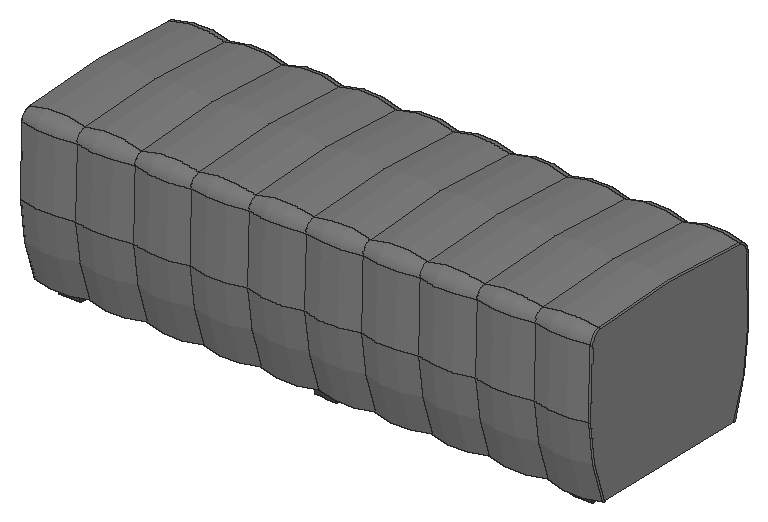
Revit family "Chair-Soft_Seating-Allermuir-Haven_Bench-HAB200", category Furniture, Revit 2012
Parameters (values of type "HAB200")
  ecoScorecard_data = "http://thesenatorgroup.ecoscorecard.com/product/HAB200"
  ecoScorecard Product Page = "http://products.ecoscorecard.com/allermuir/HAB200?action=html"
  Width = 0"
  Weight = 0.0 lbf
  Upholstered Seat = "No"
  Upholstered Back = "No"
  URL = "http://www.allermuir.net/Default.aspx"
  Subcategory = "Soft Seating"  # constant formula
  Stacks = no
  Specifications URL = ""
  Seat or Top = Fabric - Allermuir - Silcoates
  Product Page URL = "http://www.allermuir.net/Products.aspx?RangeId=495"
  Product Line = "Haven Bench"  # constant formula
  Pricing URL = ""
  Plugin Data URL = "http://products.ecoscorecard.com/thesenatorgroup/HAB200"
  Plastic Arms in Black = "No"
  Model = "HAB200"  # constant formula
  Manufacturer Phone - Toll Free = "(888) 887 5806"  # constant formula
  Manufacturer Phone = "(419) 887 5806"  # constant formula
  Manufacturer Fax = "(419) 887 5805"  # constant formula
  Manufacturer Email = "mailto:contact@allermuir-na.com"
  Manufacturer Address = "1630 Holland Road, Maumee, Ohio 43537 "  # constant formula
  Manufacturer = "Allermuir"  # constant formula
  LEED Stats URL = ""
  Height = 0"
  Fabric Spec Sheets = "http://www.allermuir.net/Services/File.ashx?Type=B&Id=51"
  Description = ""
  Depth = 0"
  Color Availability = "See price list for material options"  # constant formula
  CAD Blocks URL = ""
  Brochure URL = ""
  Base = Plastic - Allermuir - Black
  Assembly Code = "E2020200"
  95 CSI = "12510"  # constant formula
  04 CSI = "12 51 00"  # constant formula
Reference planes
  plane 1 "Center Front/Back": y = 0
  plane 2: z = 0
  plane 3 "Center Left/Right": x = 0
  plane 4: y = 265.296
  plane 5: y = -265.296
  plane 6: z = 466.328
  plane 7: x = -760.699
  plane 8: x = 757.524
Dimensions and locks
  plane 6 to level = 18 23/64"  (x2)
  locked: plane 7 to plane 8 at 1518.222
  equal spacing: plane 4, plane 1 "Center Front/Back", plane 5
  aligned and locked: plane 3 "Center Left/Right" to nested 1
  aligned and locked: plane 1 "Center Front/Back" to nested 1
  aligned and locked: plane 6 to nested 1
Nested families
  nested 1: "HAB200" at (0, 0, 0), type "HAB200"
Definition of nested family "HAB200"
  Parameters (values of type "HAB200")
    URL = "http://www.allermuir.net/Default.aspx"
    Stand = Plastic - Allermuir - Black
    Stacks = no
    Side Stand = Metal - Allermuir - Chrome - Polished
    Seat = Fabric - Allermuir - Silcoates
    Model = "HAB100"
    Manufacturer = "Allermuir"  # constant formula
    Description = ""
    Assembly Code = "E2020200"
  Reference planes
    plane 1 "Center Front/Back": y = 0
    plane 2: z = 0
    plane 3 "Center Left/Right": x = 0
    plane 4: y = 278.492
    plane 5: y = -265.296
    plane 6: z = 466.328
    plane 7: y = 174.511
    plane 8: y = -161.315
    plane 9: x = -747.478
    plane 10: x = -671.278
    plane 11: x = 747.478
    plane 12: x = 671.278
  Forms (mm)
    Sweep 1, solid, material "Fabric - Allermuir - Silcoates" <- "Seat"
      path origin (0, 0, -3.969) x (0, 1, 0) y (0, 0, 1)
        loop
          arc (230.619, 28.377) -> (262.694, 128.867) -> (276.965, 233.381) r 609.6
          arc (276.965, 233.381) -> (278.479, 325.472) -> (273.982, 417.465) r 1411.053
          arc (273.982, 417.465) -> (262.719, 442.368) -> (238.222, 454.489) r 40.603
          arc (238.222, 454.489) -> (7.264, 468.236) -> (-223.765, 455.728) r 2038.86
          arc (-223.765, 455.728) -> (-248.079, 443.981) -> (-259.64, 419.577) r 40.58
          arc (-259.64, 419.577) -> (-265.536, 328.435) -> (-264.387, 237.109) r 1183.48
          arc (-264.387, 237.109) -> (-249.725, 130.711) -> (-217.12, 28.377) r 627.008
      profile origin (0, 7.264, 464.267) x (0, -0.002682, -0.999996) y (1, 0, 0)
        loop
          arc (10.108, -745.462) -> (11.467, -747.415) -> (13.724, -748.165) r 3.77
          line (13.724, -748.165) -> (14.881, -748.165) -> (14.881, 751.457) -> (12.785, 751.457)
          arc (12.785, 751.457) -> (10.529, 750.699) -> (9.189, 748.733) r 3.735
          arc (9.189, 748.733) -> (-0.333, 674.997) -> (11.738, 601.636) r 255.942
          arc (11.738, 601.636) -> (-0.369, 525.083) -> (10.994, 448.417) r 255.942
          arc (10.994, 448.417) -> (-0.371, 373.433) -> (10.736, 298.411) r 255.942
          arc (10.736, 298.411) -> (-0.371, 223.387) -> (10.994, 148.403) r 255.942
          arc (10.994, 148.403) -> (-0.369, 74.256) -> (10.253, 0) r 255.942
          arc (10.253, 0) -> (-0.355, -75.93) -> (12.002, -151.596) r 255.942
          arc (12.002, -151.596) -> (-0.344, -226.43) -> (9.784, -301.596) r 255.942
          arc (9.784, -301.596) -> (-0.344, -376.765) -> (12.003, -451.601) r 255.942
          arc (12.003, -451.601) -> (-0.344, -526.433) -> (9.782, -601.598) r 255.942
          arc (9.782, -601.598) -> (-0.371, -673.554) -> (10.108, -745.462) r 255.942
    Extrusion 2, solid, material "Fabric - Allermuir - Silcoates" <- "Seat"
      sketch origin (0, 0, -3.969) x (0, 1, 0) y (0, 0, 1)
        loop
          line (-203.329, 33.969) -> (216.827, 33.969)
          arc (216.827, 33.969) -> (248.162, 132.073) -> (262.102, 234.112) r 594.719
          arc (262.102, 234.112) -> (263.6, 325.231) -> (259.15, 416.253) r 1396.171
          arc (259.15, 416.253) -> (252.015, 432.029) -> (236.497, 439.708) r 25.722
          arc (236.497, 439.708) -> (7.224, 453.355) -> (-222.118, 440.938) r 2023.978
          arc (-222.118, 440.938) -> (-237.517, 433.499) -> (-244.837, 418.044) r 25.699
          arc (-244.837, 418.044) -> (-250.66, 328.048) -> (-249.525, 237.871) r 1168.598
          arc (-249.525, 237.871) -> (-235.197, 133.933) -> (-203.329, 33.969) r 612.126
      from -748.165 to 751.457
  Cuts and joins
    joined: Sweep 1, Extrusion 2
  Lines and regions (mm)
    symbolic lines, style "Sofa"
      curve 1: line (-601.598, -256.183, 0) -> (-601.598, 268.883, 0)
      curve 2: line (-451.601, -253.961, 0) -> (-451.601, 266.661, 0)
      curve 3: line (-301.596, -256.18, 0) -> (-301.596, 268.88, 0)
      curve 4: line (-151.596, -253.962, 0) -> (-151.596, 266.662, 0)
      curve 5: line (0, -255.712, 0) -> (0, 268.412, 0)
      curve 6: line (148.403, -222.548, 0) -> (148.403, 267.67, 0)
      curve 7: line (298.411, -255.228, 0) -> (298.411, 236.977, 0)
      curve 8: line (448.417, -254.971, 0) -> (448.417, 267.671, 0)
      curve 9: line (601.636, -252.664, 0) -> (601.636, 266.926, 0)
      curve 10: line (751.428, 265.808, 0) -> (751.428, -253.108, 0)
      curve 11: line (-748.16, 264.983, 0) -> (-748.16, -250.444, 0)
      curve 12: arc (-601.598, 268.883, 0) -> (-673.579, 279.081, 0) -> (-745.51, 268.534, 0) r 254.775
      curve 13: arc (-745.51, 268.534, 0) -> (-747.425, 267.198, 0) -> (-748.16, 264.983, 0) r 3.705
      curve 14: arc (-601.598, 268.883, 0) -> (-526.435, 278.857, 0) -> (-451.601, 266.661, 0) r 259.27
      curve 15: arc (-451.601, 266.661, 0) -> (-376.764, 278.935, 0) -> (-301.596, 268.88, 0) r 257.548
      curve 16: arc (-301.596, 268.88, 0) -> (-226.427, 279.207, 0) -> (-151.596, 266.662, 0) r 251.68
      curve 17: arc (-151.596, 266.662, 0) -> (-75.929, 278.948, 0) -> (0, 268.412, 0) r 257.462
      curve 18: arc (0, 268.412, 0) -> (74.257, 279.083, 0) -> (148.403, 267.67, 0) r 254.837
      curve 19: arc (148.403, 267.67, 0) -> (223.387, 279.257, 0) -> (298.411, 267.928, 0) r 251.221
      curve 20: arc (298.411, 267.928, 0) -> (373.433, 278.836, 0) -> (448.417, 267.671, 0) r 260.373
      curve 21: arc (448.417, 267.671, 0) -> (525.083, 278.982, 0) -> (601.636, 266.926, 0) r 257.019
      curve 22: arc (748.558, 269.536, 0) -> (750.627, 268.161, 0) -> (751.428, 265.808, 0) r 3.857
      curve 23: arc (601.636, 266.926, 0) -> (674.905, 279.027, 0) -> (748.558, 269.536, 0) r 255.387
      curve 24: arc (-601.598, -256.183, 0) -> (-673.579, -266.381, 0) -> (-745.51, -255.834, 0) r 254.775
      curve 25: arc (-745.51, -255.834, 0) -> (-747.425, -254.498, 0) -> (-748.16, -252.283, 0) r 3.705
      curve 26: arc (-601.598, -256.183, 0) -> (-526.435, -266.157, 0) -> (-451.601, -253.961, 0) r 259.27
      curve 27: arc (-451.601, -253.961, 0) -> (-376.764, -266.235, 0) -> (-301.596, -256.18, 0) r 257.548
      curve 28: arc (-301.596, -256.18, 0) -> (-226.427, -266.507, 0) -> (-151.596, -253.962, 0) r 251.68
      curve 29: arc (-151.596, -253.962, 0) -> (-75.929, -266.248, 0) -> (0, -255.712, 0) r 257.462
      curve 30: arc (0, -255.712, 0) -> (74.257, -266.383, 0) -> (148.403, -254.97, 0) r 254.837
      curve 31: arc (148.403, -254.97, 0) -> (223.387, -266.557, 0) -> (298.411, -255.228, 0) r 251.221
      curve 32: arc (298.411, -255.228, 0) -> (373.433, -266.136, 0) -> (448.417, -254.971, 0) r 260.373
      curve 33: arc (448.417, -254.971, 0) -> (525.083, -266.282, 0) -> (601.636, -254.226, 0) r 257.019
      curve 34: arc (748.558, -256.836, 0) -> (750.627, -255.461, 0) -> (751.428, -253.108, 0) r 3.857
      curve 35: arc (601.636, -254.226, 0) -> (674.905, -266.327, 0) -> (748.558, -256.836, 0) r 255.387
  Dimensions and locks
    plane 4 to plane 5 = 21.40899"
    plane 6 to level = 18 23/64"
    locked: plane 4 to plane 7 at 103.981
    locked: plane 5 to plane 8 at 103.981
    locked: plane 9 to plane 10 at 76.2
    locked: plane 11 to plane 12 at 76.2
    locked: plane 10 to plane 12 at 1342.555
    equal spacing: plane 10, plane 3 "Center Left/Right", plane 12
    aligned and locked: Sweep 1 to Extrusion 2
  Automatic sketch dimensions
    level to Extrusion 2 sketch curve = 1.1811"
    plane 7 to Extrusion 2 sketch curve = 1.66598"
    Sweep 1 sketch curve to profile plane = 0"
    Sweep 1 sketch curve to Sweep 1 sketch curve = 0"  (x15)
    Sweep 1 sketch curve to profile plane = 0.38511"
    Sweep 1 sketch curve to profile plane = 0.3852"
    Sweep 1 sketch curve to profile plane = 0.39796"
    Sweep 1 sketch curve to profile plane = 0.40366"
    Sweep 1 sketch curve to profile plane = 0.42268"
    Sweep 1 sketch curve to profile plane = 0.46213"
    Sweep 1 sketch curve to profile plane = 0.43283"
    Sweep 1 sketch curve to profile plane = 0.43285"
    Sweep 1 sketch curve to profile plane = 0.47252"
    Sweep 1 sketch curve to profile plane = 0.47257"
    Sweep 1 sketch curve to Sweep 1 sketch curve = 0.14157"
    Sweep 1 sketch curve to Sweep 1 sketch curve = 0.14236"
    Sweep 1 sketch curve to Sweep 1 sketch curve = 0.04556"
    Sweep 1 sketch curve to profile plane = 10.06183"  (x3)
    Sweep 1 sketch curve to profile plane = 2.87313"
    profile plane to Sweep 1 sketch curve = 2.87313"
    Sweep 1 sketch curve to Sweep 1 sketch curve = 6.19041"
    Sweep 1 sketch curve to Sweep 1 sketch curve = 5.62067"
    Sweep 1 sketch curve to Sweep 1 sketch curve = 6.19073"
    Sweep 1 sketch curve to Sweep 1 sketch curve = 5.62008"
    Sweep 1 sketch curve to Sweep 1 sketch curve = 5.939"
    Sweep 1 sketch curve to Sweep 1 sketch curve = 5.87264"
    Sweep 1 sketch curve to Sweep 1 sketch curve = 5.93885"
    Sweep 1 sketch curve to Sweep 1 sketch curve = 6.12565"
    Sweep 1 sketch curve to Sweep 1 sketch curve = 0.2241"
    Extrusion 2 sketch curve to Extrusion 2 sketch curve = 0"  (x6)
    Extrusion 2 sketch curve to plane 5 = 2.43965"
    plane 4 to Extrusion 2 sketch curve = 3.27982"
    plane 5 to Extrusion 2 sketch curve = 2.62223"
    Extrusion 2 sketch curve to plane 6 = 6.60184"
    Extrusion 2 sketch curve to plane 4 = 0.6453"
    Extrusion 2 sketch curve to plane 4 = 1.7708"
    Extrusion 2 sketch curve to plane 4 = 0.7615"
    Extrusion 2 sketch curve to plane 1 "Center Front/Back" = 0.07067"
    Extrusion 2 sketch curve to Extrusion 2 sketch curve = 0.11743"
    Extrusion 2 sketch curve to plane 5 = 0.80546"
    Extrusion 2 sketch curve to plane 5 = 0.62092"
    Extrusion 2 sketch curve to Extrusion 2 sketch curve = 0.89446"
    Extrusion 2 sketch curve to Extrusion 2 sketch curve = 1.00639"
    Extrusion 2 sketch curve to Extrusion 2 sketch curve = 21.87967"
    Sweep 1 sketch curve to plane 6 = 6.60184"
    plane 5 to Sweep 1 sketch curve = 34.13749"
    plane 5 to Sweep 1 sketch curve = 2.62223"
    Sweep 1 sketch curve to plane 5 = 0.03581"
    Sweep 1 sketch curve to plane 5 = 0.2227"
    Sweep 1 sketch curve to plane 6 = 0.57357"
    Sweep 1 sketch curve to plane 5 = 1.6351"
    Sweep 1 sketch curve to Sweep 1 sketch curve = 1.58916"
    Sweep 1 sketch curve to Sweep 1 sketch curve = 1.86088"
    Sweep 1 sketch curve to plane 1 "Center Front/Back" = 0.07067"
    Sweep 1 sketch curve to plane 4 = 1.88479"
    Sweep 1 sketch curve to plane 4 = 1.7708"
    Sweep 1 sketch curve to Sweep 1 sketch curve = 0.18537"
    Sweep 1 sketch curve to plane 4 = 0.17756"
    Sweep 1 sketch curve to plane 4 = 0.06013"
    plane 4 to Sweep 1 sketch curve = 3.27982"
    Sweep 1 sketch curve to plane 6 = 6 51/64"
    curve 30 to plane 3 "Center Left/Right" = 0"
    curve 17 to plane 1 "Center Front/Back" = 0.84659"
    curve 17 to plane 3 "Center Left/Right" = 2.87241"
    plane 1 "Center Front/Back" to curve 29 = 0.34659"
    curve 29 to curve 17 = 0"
    curve 29 to plane 5 = 0.44621"
    curve 16 to plane 1 "Center Front/Back" = 1.08485"
    plane 1 "Center Front/Back" to curve 28 = 0.58485"
    curve 28 to curve 16 = 0"
    curve 16 to plane 4 = 0.37842"
    curve 28 to plane 5 = 0.35889"
    plane 1 "Center Front/Back" to curve 27 = 0.3431"
    curve 27 to curve 28 = 5.62229"
    curve 15 to curve 27 = 0"
    curve 26 to plane 5 = 0.44626"
    curve 14 to plane 4 = 0.46579"
    curve 14 to plane 1 "Center Front/Back" = 0.77226"
    plane 10 to curve 14 = 5.5513"
    plane 1 "Center Front/Back" to curve 26 = 0.27226"
    curve 26 to curve 14 = 0"
    plane 10 to curve 1 = 2.74329"
    curve 26 to plane 5 = 0.3588"
    curve 24 to plane 10 = 0.06633"
    curve 12 to plane 10 = 0.06633"
    curve 25 to plane 5 = 0.51234"
    plane 9 to curve 25 = 0.11899"
    plane 9 to curve 13 = 0.11899"
    plane 9 to curve 25 = 0.07745"
    plane 9 to curve 13 = 0.07745"
    curve 12 to curve 13 = 0"
    curve 24 to curve 25 = 0"
    curve 11 to plane 9 = 0.02687"
    plane 1 "Center Front/Back" to curve 30 = 0.4547"
    plane 3 "Center Left/Right" to curve 30 = 2.87335"
    curve 18 to curve 30 = 0"
    curve 6 to plane 4 = 0.42607"
    plane 3 "Center Left/Right" to curve 6 = 5.84263"
    curve 31 to plane 5 = 0.40654"
    curve 19 to plane 1 "Center Front/Back" = 1.1038"
    plane 1 "Center Front/Back" to curve 31 = 0.6038"
    curve 31 to curve 19 = 0"
    curve 7 to plane 4 = 1.63445"
    curve 32 to plane 5 = 0.39637"
    curve 19 to plane 4 = 0.4159"
    plane 1 "Center Front/Back" to curve 32 = 0.22692"
    curve 31 to curve 32 = 5.87266"
    curve 20 to curve 32 = 0"
    curve 32 to plane 5 = 0.40652"
    curve 8 to plane 4 = 0.42605"
    curve 19 to curve 8 = 5.90575"
    plane 1 "Center Front/Back" to curve 33 = 0.36481"
    plane 12 to curve 33 = 5.80485"
    curve 21 to curve 33 = 0"
    curve 23 to plane 4 = 0.45535"
    curve 20 to curve 23 = 6.03225"
    curve 33 to plane 5 = 0.43582"
    curve 35 to plane 12 = 0.3214"
    curve 23 to plane 12 = 0.3214"
    curve 22 to plane 11 = 0.00369"
    curve 34 to plane 11 = 0.00369"
    curve 22 to plane 11 = 0.04253"
    curve 34 to plane 11 = 0.04253"
    curve 34 to curve 34 = 0.15183"
    curve 5 to plane 5 = 0.37735"
    curve 10 to plane 5 = 0.47984"
    curve 9 to plane 5 = 0.49733"
    curve 25 to curve 11 = 0.0724"
    curve 6 to plane 5 = 1.68299"
    curve 23 to plane 1 "Center Front/Back" = 0.93228"
    curve 35 to curve 34 = 0.14678"
  Nested families
    nested 1: "Leg" at (-671.389, 176.892, 0), type "PSM102"
    nested 2: "Leg" at (1.587, 176.099, 0), type "PSM102"
    nested 3: "Leg" at (-670.924, -157.346, 0), type "PSM102"
    nested 4: "Leg" at (674.744, 176.099, 0), type "PSM102"
    nested 5: "Leg" at (2.381, -157.346, 0), type "PSM102"
    nested 6: "Leg" at (674.303, -156.552, 0), type "PSM102"
  Definition of nested family "Leg"
    Parameters (values of type "PSM102")
      URL = ""
      Stand = Plastic - Allermuir - Black
      Stacks = no
      Model = ""
      Manufacturer = ""
      Description = ""
      Assembly Code = "E2020200"
    Reference planes
      plane 1 "Center Front/Back": y = 0
      plane 2: z = 0
      plane 3 "Center Left/Right": x = 0
      plane 4: z = 30
      plane 5: through (42.717, 1524.892, 1219.2) normal (1, -0.0075, 0)
      plane 6: through (-1525.181, 42.166, 1219.2) normal (0.0075, 1, 0)
      plane 7: through (-19.17, 1524.892, 1219.2) normal (1, -0.0075, 0)
      plane 8: through (-1525.181, -19.721, 1219.2) normal (0.0075, 1, 0)
    Forms (mm)
      Blend 1, solid, material "Plastic - Allermuir - Black" <- "Stand"
        base sketch origin (0, 0, 0) x (1, 0, 0) y (0, 1, 0)
          loop
            arc (-26.682, 29.891) -> (-28.652, 29.092) -> (-29.481, 27.133) r 2.778
            line (-29.481, 27.133) -> (-29.891, -27.235)
            arc (-29.891, -27.235) -> (-29.092, -29.205) -> (-27.133, -30.034) r 2.778
            line (-27.133, -30.034) -> (27.235, -30.444)
            arc (27.235, -30.444) -> (29.205, -29.645) -> (30.034, -27.687) r 2.778
            line (30.034, -27.687) -> (30.444, 26.682)
            arc (30.444, 26.682) -> (29.645, 28.652) -> (27.687, 29.481) r 2.778
            line (27.687, 29.481) -> (-26.682, 29.891)
        top sketch origin (0, 0, 0) x (1, 0, 0) y (0, 1, 0)
          loop
            arc (31.431, 27.654) -> (30.632, 29.625) -> (28.674, 30.453) r 2.778
            line (28.674, 30.453) -> (-27.654, 30.878)
            arc (-27.654, 30.878) -> (-29.625, 30.079) -> (-30.453, 28.121) r 2.778
            line (-30.453, 28.121) -> (-30.878, -28.207)
            arc (-30.878, -28.207) -> (-30.079, -30.178) -> (-28.121, -31.006) r 2.778
            line (-28.121, -31.006) -> (28.207, -31.431)
            arc (28.207, -31.431) -> (30.178, -30.632) -> (31.006, -28.674) r 2.778
            line (31.006, -28.674) -> (31.431, 27.654)
        from 0 to 30
    Dimensions and locks
      locked: plane 7 to plane 5 at 61.886
      locked: plane 6 to plane 8 at 61.886
      locked: plane 4 to level at 30
